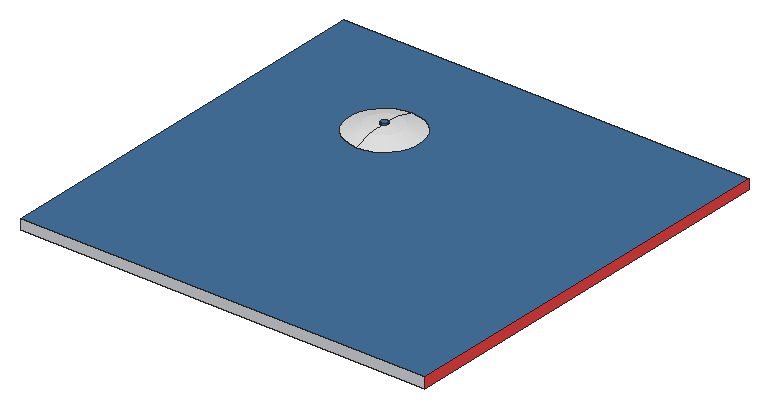
Revit family "PRESTO 55 EMBUTIDO (F)", category Aparatos sanitarios, Revit 2015
Parameters (values of type "55030")
  URL = "http://www.prestoiberica.com/ducha/temporizada-clasica/presto-55-embutido?c=es"
  Teléfono = "(+34) 915 782 575"
  TIPO DE AGUA = "Fria"
  REFERENCIA = "55030"
  Presión Máxima = ""
  PESO BRUTO = "0.630 Kg"
  Keynote = ""
  Modelo = "PRESTO 55 EMBUTIDO"
  Material = LATON CROMADO
  Imagen de tipo = <Ninguno>
  Fabricante = "PRESTO IBÉRICA"
  Default Elevation = 1219.2 mm
  ENTRADA = ""
  Descripción = "Grifo temporizado de un agua para instalación encastrada con cuerpo de latón y embellecedor cromado."
  Código de montaje = "C1030220"
  Contacto = "info@prestoiberica.com"
  Conexión AF = yes
  Conexión AC = yes
  Comentarios de tipo = "Cabeza intercambiable que comprende todo el mecanismo. Cuerpo, embellecedor y pulsador de latón cromado , piezas interioes en materiales resistentes a la corrosión y a las incrustaciones calcáreas."
  CIERRE = "Automático en 30 seg."
  CAUDAL = "15 L/Min"
  Accionamiento = "Por pulsador"
Reference planes
  plane 1 "Centro (Frontal/Posterior)": y = 0
  plane 2: z = 0
  plane 3 "Centro (Izquierda/Derecha)": x = 0
  plane 4 "1": z = 33.577
Forms (mm)
  Extrusion 1, solid
    sketch origin (0, 0, 0) x (1, 0, 0) y (0, 1, 0)
      loop
        line (-100, 100) -> (-100, -100) -> (100, -100) -> (100, 100) -> (-100, 100)
    from 0 to -5
  Revolve 2, solid, material "Presto Ibérica: LATON CROMADO"
    sketch origin (0, 0, 2.773) x (0, 1, 0) y (0, 0, 1)
      loop
        line (0, 30.994) -> (0, 27.53) -> (17.238, 27.53)
        arc (17.238, 27.53) -> (8.757, 29.949) -> (0, 30.994) r 55.515
      axis (0, 30.994) -> (0, 27.53)
    angle from 0 to 360
  Extrusion 3, solid, material "Presto Ibérica: AGUA FRIA"
    sketch origin (0, 0, 33.577) x (-1, 0, 0) y (0, -1, 0)
      loop
        circle (0, 0) r 1.725
    from 0 to 0.4
Dimensions and locks
  Extrusion 1 sketch curve to plane 1 "Centro (Frontal/Posterior)" = 100 mm
  aligned and locked: plane 2 to Extrusion 1
  aligned and locked: level to Extrusion 1
Connectors
  piping at (0, -37, -27.177), diameter 12.7
    settings: on import instance, index 1, connector inside diameter 609.6 mm, connector length 0 mm, flow factor 0, pipe flow 0.0 L/s, pressure drop 0.0 Pa, fitting loss kfactor 0, connector angle 0.00°, fixture units 0, engagement length 0 mm, angle of deflection 0.00°, flow configuration 0, flow direction 1, fitting loss method 0, system type 20, joint type 0, gender type 0, connector reference index -1, connector utility 0, adjustable connector no, is connector primary yes, connector description ""
